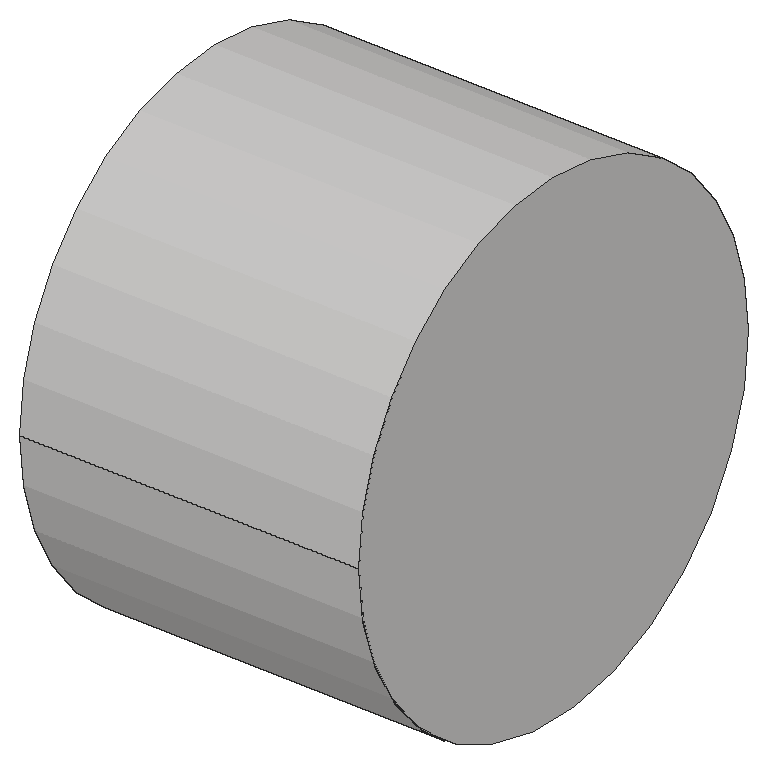
Revit family "SOFiSTiK_Ankermuffe_Geschweißt", category Verbindungsmittel, Revit 2023
Family settings
  Arbeitsebenenbasiert = Nein
  Immer vertikal = Nein
  Beim Laden mit Abzugskörper schneiden = Nein
  Gemeinsam genutzt = Nein
  An Ansicht ausrichten = Ja
Parameters (values of type "Ø6")
  Stabgröße 2 = Keine
  Stabgröße 1 = ø6, Dmin=4ϕ
  SOFiSTiK_Symbol_ID = "Anchor"  # constant formula
  SOFiSTiK_Identifier = "RC_Rebar_Coupler"  # constant formula
  Modell = "Endverankerung"
  Material = Baustahl - S 235
  Körper = 0,14 kg
  Hersteller = "Hersteller"
  Gesamtlänge = 23 mm
  Endenbearbeitung 2 = Keine
  Endenbearbeitung 1 = SOFiSTiK_Geschweißt
  Einfassung Stab 2 = 0 mm
  Einfassung Stab 1 = 18 mm
  Bauelement = "A"
  Außendurchmesser = 33 mm
Types (12, lengths in mm): name | Stabgröße 1 | Körper | Gesamtlänge | Einfassung Stab 1 | Außendurchmesser
  (no name) | ø6, Dmin=4ϕ | 0.14 (stored number, unit not read) | 23 | 18 | 33
  Ø6 | ø6, Dmin=4ϕ | 0,14 kg | 23 | 18 | 33
  Ø8 | ø8, Dmin=4ϕ | 0,14 kg | 23 | 18 | 33
  Ø10 | ø10, Dmin=4ϕ | 0,14 kg | 23 | 18 | 33
  Ø12 | ø12, Dmin=4ϕ | 0,22 kg | 23 | 19 | 41
  Ø14 | ø14, Dmin=4ϕ | 0,31 kg | 26 | 21 | 46
  Ø16 | ø16, Dmin=4ϕ | 0,45 kg | 29 | 24 | 52
  Ø20 | ø20, Dmin=7ϕ | 0,45 kg | 41 | 36 | 64
  Ø25 | ø25, Dmin=7ϕ | 1,66 kg | 46 | 41 | 80
  Ø28 | ø28, Dmin=7ϕ | 1,66 kg | 48 | 43 | 90
  Ø32 | ø32, Dmin=7ϕ | 2,73 kg | 52 | 46 | 110
  Ø40 | ø32, Dmin=7ϕ | 4,18 kg | 64 | 58 | 130
Reference planes
  plane 1: y = 0
  plane 2: z = 0
  plane 3 "Mitte (Links/rechts)": x = 0
  plane 4 "Links": x = -11.5
  plane 5: x = 11.5
  plane 6: y = 16.5
  plane 7: y = -16.5
Forms (mm)
  Extrusion 1, solid, material "Baustahl - S 235" <- "Material"
    sketch origin (0, 0, 0) x (0, 1, 0) y (0, 0, 1)
      loop
        circle (0, 0) r 16.5
    from -11.5 to 11.5
Lines and regions (mm)
  symbolic lines
    curve 1: line (-11.5, 16.5, 0) -> (11.5, 16.5, 0)
    curve 2: line (-11.5, -16.5, 0) -> (-11.5, 16.5, 0)
    curve 3: line (11.5, -16.5, 0) -> (-11.5, -16.5, 0)
    curve 4: line (11.5, 16.5, 0) -> (11.5, -16.5, 0)
Dimensions and locks
  equal spacing: plane 4 "Links", plane 3 "Mitte (Links/rechts)", plane 5
  "Gesamtlänge": plane 4 "Links" to plane 5
  equal spacing: plane 6, plane 1, plane 7
  "Außendurchmesser": plane 6 to plane 7
  "Außendurchmesser": diameter of Extrusion 1 sketch curve
  aligned and locked: Extrusion 1 to plane 4 "Links"
  aligned and locked: plane 5 to Extrusion 1
  aligned and locked: plane 4 "Links" to curve 2
  aligned and locked: curve 4 to plane 5
  aligned and locked: curve 1 to plane 6
  aligned and locked: plane 7 to curve 3
Automatic sketch dimensions
  Extrusion 1 sketch curve to level = 0 mm
  Extrusion 1 sketch curve to plane 1 = 0 mm
